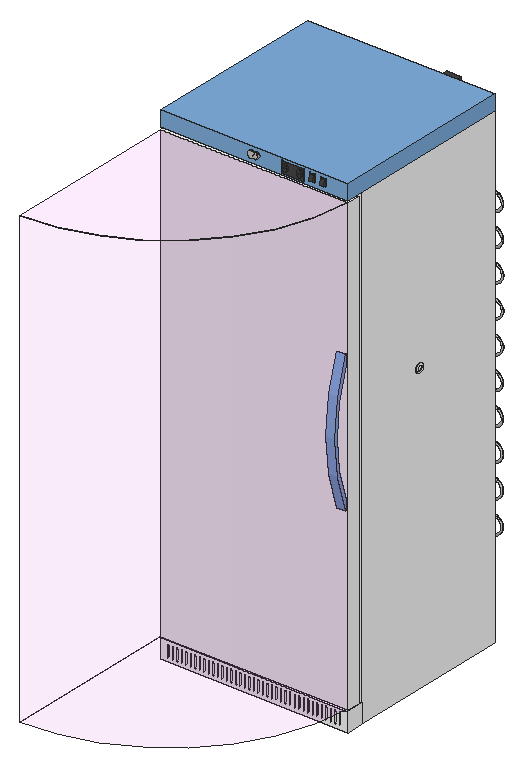
Revit family "QF_Summit_ARS12PV_Pharma_Vac_All_Refrigerator", category Specialty Equipment, Revit 2020
Family settings
  Round Connector Dimension = Use Diameter
  Part Type = Normal
  Work Plane-Based = No
  Always vertical = Yes
  Cut with Voids When Loaded = No
  Shared = No
  Room Calculation Point = No
Parameters
  Weight in Pounds = 184
  Watts = if(Phase = 3, Volts * FL Amps * 1.73, Volts * FL Amps)  # 161 W
  Volts = 115 V
  Ventilation Remarks = ""
  URL Cutsheet = ""
  Specification by User = ""
  Specification by Manufacturer = ""
  Show RHD [instance] = yes
  Show LHD [instance] = not(Show RHD)  # no
  Show Clearance [instance] = yes
  Serial Number = ""
  Seismic Rating = ""
  SMACNA No = ""
  Revision Code = ""
  Refrigerant Volume = 0.00 kip
  Refrigerant Type = "R600a"
  Phase = 1
  Number of Poles = 1
  NAFEM Spec ID Number = ""
  Model = "ARS12PV"
  Min Ckt Ampacity = 0 A
  Max Overcurrent Protection = 0 A
  Masterspec = ""
  Manufacturer = "Summit"
  Length = 23 3/8"
  Item Number = ""
  Installed By = ""
  Identify Quantity as Lot = yes
  Height = 61 3/4"
  HP = ""
  Furnished By = ""
  Foodservice Equipment Identifier = yes
  FL Amps = 1.4 A
  Electrical Remarks = ""
  Electric Connection Type = ""
  Elec Conn RI Height = 0"
  Elec Conn Connection Height = 0"
  Description = "Pharma-Vac All-Refrigerator"
  Depth = 24 3/8"
  Default Elevation = 0"
  Cycle = 60 Hz
  Conn Plug = ""
  Conn Conduit = yes
  CSI MasterFormat = ""
  Base Height [instance] = 1/2"
  BTUH = 0.0 Btu/h
  Apparent Power = if(Phase = 3, Volts * FL Amps * 1.73, Volts * FL Amps)  # 161 VA
Reference planes (in)
  plane 1 "BACK": y = 0
  plane 2: z = 0
  plane 3 "LEFT": x = 0
  plane 4 "RIGHT": x = 23.375
  plane 5 "FRONT": y = -24.375
  plane 6 "TOP": z = 61.75
  plane 7 "Center Y": x = 11.6875
  plane 8 "Center X": y = -12.1875
  plane 9 "Base Height": z = 0.5
  plane 10: y = -46.5
  plane 11: z = 59.875
  plane 12: y = -1.5
  plane 13: y = -22.25
  plane 14: y = -26.125
  plane 15: z = 49.98438
  plane 16: x = 0.2118
  plane 17: x = 23.07085
  plane 18: z = 59.625
  plane 19: z = 49.25
  plane 20: z = 37.25
  plane 21: z = 53.375
  plane 22: x = 23.03684
  plane 23: x = 0.2073
Forms (in)
  Extrusion 1, solid, material "QF_Plastic_White_Smooth"
    sketch origin (0, 0, 0.5) x (-1, 0, 0) y (0, -1, 0)
      loop
        line (0, 1.5) -> (0, 22.25) -> (-23.375, 22.25) -> (-23.375, 1.5) -> (0, 1.5)
    from 0 to 2.375
  Extrusion 2, solid, material "QF_Plastic_Light_Blue_Smooth"
    sketch origin (0, 0, 61.75) x (-1, 0, 0) y (0, -1, 0)
      loop
        line (0, 1.5) -> (0, 24.375) -> (-23.375, 24.375) -> (-23.375, 1.5) -> (0, 1.5)
    from -1.875 to 0
  Extrusion 3, solid, material "QF_Plastic_White_Smooth"
    sketch origin (23.375, -22.75, 0.5) x (-1, 0, 0) y (0, 0, -1)
      loop
        line (0, -59.125) -> (23.375, -59.125) -> (23.375, -2.5) -> (0, -2.5) -> (0, -59.125)
    from 0 to 1.625
  Extrusion 4, solid, material "QF_Rubber - Black - Smooth"
    sketch origin (0, -1.5, 0.5) x (1, 0, 0) y (0, 0, -1)
      loop
        circle (20.85407, -2.95918) r 0.25
    from 0 to 0.0625
  Revolve 5, solid, material "QF_Rubber - Black - Smooth"
    sketch origin (0, -3, 0) x (1, 0, 0) y (0, 0, 1)
      loop
        line (21.875, 0.5) -> (21.59375, 0.5) -> (21.59375, 0.375) -> (21.125, 0.375) -> (21.125, 0) -> (21.875, 0) -> (21.875, 0.5)
      axis (21.875, 0) -> (21.875, 0.5)
    angle from 0 to 360
  Revolve 6, solid, material "QF_Rubber - Black - Smooth"
    sketch origin (-14.5, -3, 0) x (1, 0, 0) y (0, 0, 1)
      loop
        line (16, 0.5) -> (15.71875, 0.5) -> (15.71875, 0.375) -> (15.25, 0.375) -> (15.25, 0) -> (16, 0) -> (16, 0.5)
      axis (16, 0) -> (16, 0.5)
    angle from 0 to 360
  Revolve 7, solid, material "QF_Rubber - Black - Smooth"
    sketch origin (0, -20.75, 0) x (1, 0, 0) y (0, 0, 1)
      loop
        line (21.875, 0.5) -> (21.59375, 0.5) -> (21.59375, 0.375) -> (21.125, 0.375) -> (21.125, 0) -> (21.875, 0) -> (21.875, 0.5)
      axis (21.875, 0) -> (21.875, 0.5)
    angle from 0 to 360
  Revolve 8, solid, material "QF_Rubber - Black - Smooth"
    sketch origin (-14.5, -20.75, 0) x (1, 0, 0) y (0, 0, 1)
      loop
        line (16, 0.5) -> (15.71875, 0.5) -> (15.71875, 0.375) -> (15.25, 0.375) -> (15.25, 0) -> (16, 0) -> (16, 0.5)
      axis (16, 0) -> (16, 0.5)
    angle from 0 to 360
  Extrusion 9, solid, material "QF_Metal_Black"
    sketch origin (23.375, -24.375, 61.75) x (-1, 0, 0) y (0, 0, -1)
      loop
        line (8.25, 0.25) -> (8.25, 1.625) -> (5.49196, 1.625) -> (5.49196, 0.25) -> (8.25, 0.25)
      loop
        line (4.75, 0.375) -> (4.75, 1.25) -> (4.125, 1.25) -> (4.125, 0.375) -> (4.75, 0.375)
      loop
        line (3.375, 1.25) -> (2.75, 1.25) -> (2.75, 0.375) -> (3.375, 0.375) -> (3.375, 1.25)
    from 0 to 0.0625
  Extrusion 10, solid, material "QF_Metal_Black"
    sketch origin (23.375, -24.4375, 61.75) x (-1, 0, 0) y (0, 0, -1)
      loop
        line (7.52932, 0.87366) -> (7.52932, 0.70264)
        arc (7.52932, 0.70264) -> (7.77932, 0.45264) -> (8.02932, 0.70264) r 0.25
        line (8.02932, 0.70264) -> (8.02932, 0.87366) -> (7.52932, 0.87366)
      loop
        line (6.21264, 0.87366) -> (5.71264, 0.87366) -> (5.71264, 0.70264)
        arc (5.71264, 0.70264) -> (5.96264, 0.45264) -> (6.21264, 0.70264) r 0.25
        line (6.21264, 0.70264) -> (6.21264, 0.87366)
    from 0 to 0.125
  Extrusion 11, solid, material "QF_Metal_Black"
    sketch origin (23.375, -24.4375, 61.75) x (-1, 0, 0) y (0, 0, -1)
      loop
        line (8.02932, 0.90312) -> (8.02932, 1.07414)
        arc (8.02932, 1.07414) -> (7.77932, 1.32414) -> (7.52932, 1.07414) r 0.25
        line (7.52932, 1.07414) -> (7.52932, 0.90312) -> (8.02932, 0.90312)
      loop
        line (6.21264, 0.90312) -> (6.21264, 1.07414)
        arc (6.21264, 1.07414) -> (5.96264, 1.32414) -> (5.71264, 1.07414) r 0.25
        line (5.71264, 1.07414) -> (5.71264, 0.90312) -> (6.21264, 0.90312)
    from 0 to 0.125
  Extrusion 12, solid, material "QF_Metal_Black"
    sketch origin (19.25, -24.375, 61.375) x (0, 0, -1) y (0, 1, 0)
      loop
        line (0.0625, -0.0625) -> (0.0625, -0.09634) -> (0.8125, -0.21513) -> (0.8125, -0.0625) -> (0.0625, -0.0625)
    from -0.5625 to -0.0625
  Extrusion 13, solid, material "QF_Metal_Black"
    sketch origin (20.625, -24.375, 61.375) x (0, 0, -1) y (0, 1, 0)
      loop
        line (0.0625, -0.09634) -> (0.8125, -0.21513) -> (0.8125, -0.0625) -> (0.0625, -0.0625) -> (0.0625, -0.09634)
    from -0.5625 to -0.0625
  Extrusion 14, solid, material "QF_Metal - Stainless - Polished"
    sketch origin (20.90447, -24.375, 61.75) x (-1, 0, 0) y (0, 0, -1)
      loop
        arc (8.96647, 1.16146) -> (8.59147, 0.78646) -> (8.96647, 0.41146) r 0.375
        line (8.96647, 0.41146) -> (9.46647, 0.41146)
        arc (9.46647, 0.41146) -> (9.84147, 0.78646) -> (9.46647, 1.16146) r 0.375
        line (9.46647, 1.16146) -> (8.96647, 1.16146)
      loop
        line (9.4034, 0.77178) -> (9.4034, 0.81064) -> (9.03054, 0.81064) -> (9.03054, 0.77178) -> (9.4034, 0.77178)
    from 0 to 0.25
  Extrusion 15, solid, material "QF_Metal_Stainless_Polished"
    sketch origin (0, -1.5, 0.5) x (1, 0, 0) y (0, 0, -1)
      loop
        circle (21.55742, -37) r 0.25
      loop
        circle (1.88463, -37) r 0.25
      loop
        circle (21.55742, -25) r 0.25
      loop
        circle (1.88463, -25) r 0.25
      loop
        circle (21.55742, -49) r 0.25
      loop
        circle (1.88463, -49) r 0.25
      loop
        circle (21.55742, -12.875) r 0.25
      loop
        circle (1.88463, -12.875) r 0.25
    from 0 to 1.5
  Sweep 16, solid, material "QF_Metal_Stainless_Polished"
    path origin (-0.125, 0, 11.98437) x (1, 0, 0) y (0, 0, 1)
      loop
        line (0.32085, 37.76475) -> (22.17976, 37.76475)
        arc (22.17976, 37.76475) -> (23.17976, 36.76475) -> (22.17976, 35.76475) r 1
        line (22.17976, 35.76475) -> (1.34954, 35.76475)
        arc (1.34954, 35.76475) -> (0.34954, 34.76475) -> (1.34954, 33.76475) r 1
        line (1.34954, 33.76475) -> (22.17776, 33.76475)
        arc (22.17776, 33.76475) -> (23.17776, 32.76475) -> (22.17776, 31.76475) r 1
        line (22.17776, 31.76475) -> (1.39695, 31.76475)
        arc (1.39695, 31.76475) -> (0.39695, 30.76475) -> (1.39695, 29.76475) r 1
        line (1.39695, 29.76475) -> (22.19585, 29.76475)
        arc (22.19585, 29.76475) -> (23.19585, 28.76475) -> (22.19585, 27.76475) r 1
        line (22.19585, 27.76475) -> (1.3368, 27.76475)
        arc (1.3368, 27.76475) -> (0.3368, 26.76475) -> (1.3368, 25.76475) r 1
        line (1.3368, 25.76475) -> (22.19548, 25.76475)
        arc (22.19548, 25.76475) -> (23.19548, 24.76475) -> (22.19548, 23.76475) r 1
        line (22.19548, 23.76475) -> (1.33704, 23.76475)
        arc (1.33704, 23.76475) -> (0.33704, 22.76475) -> (1.33704, 21.76475) r 1
        line (1.33704, 21.76475) -> (22.19629, 21.76475)
        arc (22.19629, 21.76475) -> (23.19629, 20.76475) -> (22.19629, 19.76475) r 1
        line (22.19629, 19.76475) -> (1.33589, 19.76475)
        arc (1.33589, 19.76475) -> (0.33589, 18.76475) -> (1.33589, 17.76475) r 1
        line (1.33589, 17.76475) -> (22.1852, 17.76475)
        arc (22.1852, 17.76475) -> (23.1852, 16.76475) -> (22.1852, 15.76475) r 1
        line (22.1852, 15.76475) -> (1.33204, 15.76475)
        arc (1.33204, 15.76475) -> (0.33204, 14.76475) -> (1.33204, 13.76475) r 1
        line (1.33204, 13.76475) -> (22.17917, 13.76475)
        arc (22.17917, 13.76475) -> (23.17917, 12.76475) -> (22.17917, 11.76475) r 1
        line (22.17917, 11.76475) -> (1.3323, 11.76475)
        arc (1.3323, 11.76475) -> (0.3323, 10.76475) -> (1.3323, 9.76475) r 1
        line (1.3323, 9.76475) -> (22.16184, 9.76475)
        arc (22.16184, 9.76475) -> (23.16184, 8.76475) -> (22.16184, 7.76475) r 1
        line (22.16184, 7.76475) -> (1.36686, 7.76475)
        arc (1.36686, 7.76475) -> (0.36686, 6.76475) -> (1.36686, 5.76475) r 1
        line (1.36686, 5.76475) -> (22.10178, 5.76475)
        arc (22.10178, 5.76475) -> (23.16385, 4.70269) -> (22.10178, 3.64063) r 1.06206
        line (22.10178, 3.64063) -> (1.29095, 3.64063)
        arc (1.29095, 3.64063) -> (0.29095, 2.64063) -> (1.29095, 1.64063) r 1
        line (1.29095, 1.64063) -> (22.13128, 1.64063)
        arc (22.13128, 1.64063) -> (23.13128, 0.64063) -> (22.13128, -0.35937) r 1
        line (22.13128, -0.35937) -> (1.36686, -0.35937)
    profile origin (11.6714, 0, 41.74913) x (0, 0, 1) y (0, -1, 0)
      loop
        circle (0.09375, 0.09375) r 0.09375
  Extrusion 17, solid, material "QF_Plastic_White_Smooth"
    sketch origin (23.375, -1.5, 0.5) x (0, -1, 0) y (0, 0, -1)
      loop
        circle (12, -36) r 0.5
      loop
        circle (12, -36) r 0.40625
    from 0 to 0.25
  Extrusion 18, solid, material "QF_Metal_Black"
    sketch origin (0, -1.5, 61.75) x (1, 0, 0) y (0, 0, -1)
      loop
        line (18.375, 0.25) -> (18.375, 1.625) -> (16.625, 1.625) -> (16.625, 0.25) -> (18.375, 0.25)
    from 0 to 0.96936
  Extrusion 19, solid, material "QF_Clearances_Door_Drawer", visible <- "Show LHD"
    sketch origin (0, 0, 0.5) x (-1, 0, 0) y (0, -1, 0)
      loop
        arc (0.00218, 24.375) -> (-7.35816, 39.93424) -> (-23.375, 46.23701) r 23.3767
        line (-23.375, 46.23701) -> (-23.375, 24.375) -> (0.00218, 24.375)
    from 2.5 to 59.125
  Extrusion 20, solid, material "QF_Plastic_White_Smooth"
    sketch origin (23.375, -22.25, 0.5) x (-1, 0, 0) y (0, 0, -1)
      loop
        line (23.375, -2.375) -> (23.375, 0) -> (0, 0) -> (0, -2.375) -> (23.375, -2.375)
      loop
        line (23.3125, -0.0625) -> (0.0625, -0.0625) -> (0.0625, -2.3125) -> (23.3125, -2.3125) -> (23.3125, -0.0625)
    from 0 to 2.125
  Extrusion 21, solid, material "QF_Plastic_White_Smooth"
    sketch origin (23.375, -24.375, 0.5) x (-1, 0, 0) y (0, 0, -1)
      loop
        line (23.375, 0) -> (0, 0) -> (0, -2.375) -> (23.375, -2.375) -> (23.375, 0)
      loop
        arc (22.28125, -1.90625) -> (22.375, -2) -> (22.46875, -1.90625) r 0.09375
        line (22.46875, -1.90625) -> (22.46875, -0.59375)
        arc (22.46875, -0.59375) -> (22.375, -0.5) -> (22.28125, -0.59375) r 0.09375
        line (22.28125, -0.59375) -> (22.28125, -1.90625)
      loop
        arc (21.71875, -1.90625) -> (21.8125, -2) -> (21.90625, -1.90625) r 0.09375
        line (21.90625, -1.90625) -> (21.90625, -0.59375)
        arc (21.90625, -0.59375) -> (21.8125, -0.5) -> (21.71875, -0.59375) r 0.09375
        line (21.71875, -0.59375) -> (21.71875, -1.90625)
      loop
        arc (21.15625, -1.90625) -> (21.25, -2) -> (21.34375, -1.90625) r 0.09375
        line (21.34375, -1.90625) -> (21.34375, -0.59375)
        arc (21.34375, -0.59375) -> (21.25, -0.5) -> (21.15625, -0.59375) r 0.09375
        line (21.15625, -0.59375) -> (21.15625, -1.90625)
      loop
        arc (20.59375, -1.90625) -> (20.6875, -2) -> (20.78125, -1.90625) r 0.09375
        line (20.78125, -1.90625) -> (20.78125, -0.59375)
        arc (20.78125, -0.59375) -> (20.6875, -0.5) -> (20.59375, -0.59375) r 0.09375
        line (20.59375, -0.59375) -> (20.59375, -1.90625)
      loop
        arc (20.03125, -1.90625) -> (20.125, -2) -> (20.21875, -1.90625) r 0.09375
        line (20.21875, -1.90625) -> (20.21875, -0.59375)
        arc (20.21875, -0.59375) -> (20.125, -0.5) -> (20.03125, -0.59375) r 0.09375
        line (20.03125, -0.59375) -> (20.03125, -1.90625)
      loop
        arc (19.46875, -1.90625) -> (19.5625, -2) -> (19.65625, -1.90625) r 0.09375
        line (19.65625, -1.90625) -> (19.65625, -0.59375)
        arc (19.65625, -0.59375) -> (19.5625, -0.5) -> (19.46875, -0.59375) r 0.09375
        line (19.46875, -0.59375) -> (19.46875, -1.90625)
      loop
        arc (18.90625, -1.90625) -> (19, -2) -> (19.09375, -1.90625) r 0.09375
        line (19.09375, -1.90625) -> (19.09375, -0.59375)
        arc (19.09375, -0.59375) -> (19, -0.5) -> (18.90625, -0.59375) r 0.09375
        line (18.90625, -0.59375) -> (18.90625, -1.90625)
      loop
        arc (18.34375, -1.90625) -> (18.4375, -2) -> (18.53125, -1.90625) r 0.09375
        line (18.53125, -1.90625) -> (18.53125, -0.59375)
        arc (18.53125, -0.59375) -> (18.4375, -0.5) -> (18.34375, -0.59375) r 0.09375
        line (18.34375, -0.59375) -> (18.34375, -1.90625)
      loop
        arc (17.78125, -1.90625) -> (17.875, -2) -> (17.96875, -1.90625) r 0.09375
        line (17.96875, -1.90625) -> (17.96875, -0.59375)
        arc (17.96875, -0.59375) -> (17.875, -0.5) -> (17.78125, -0.59375) r 0.09375
        line (17.78125, -0.59375) -> (17.78125, -1.90625)
      loop
        arc (17.21875, -1.90625) -> (17.3125, -2) -> (17.40625, -1.90625) r 0.09375
        line (17.40625, -1.90625) -> (17.40625, -0.59375)
        arc (17.40625, -0.59375) -> (17.3125, -0.5) -> (17.21875, -0.59375) r 0.09375
        line (17.21875, -0.59375) -> (17.21875, -1.90625)
      loop
        arc (16.65625, -1.90625) -> (16.75, -2) -> (16.84375, -1.90625) r 0.09375
        line (16.84375, -1.90625) -> (16.84375, -0.59375)
        arc (16.84375, -0.59375) -> (16.75, -0.5) -> (16.65625, -0.59375) r 0.09375
        line (16.65625, -0.59375) -> (16.65625, -1.90625)
      loop
        arc (16.09375, -1.90625) -> (16.1875, -2) -> (16.28125, -1.90625) r 0.09375
        line (16.28125, -1.90625) -> (16.28125, -0.59375)
        arc (16.28125, -0.59375) -> (16.1875, -0.5) -> (16.09375, -0.59375) r 0.09375
        line (16.09375, -0.59375) -> (16.09375, -1.90625)
      loop
        arc (15.53125, -1.90625) -> (15.625, -2) -> (15.71875, -1.90625) r 0.09375
        line (15.71875, -1.90625) -> (15.71875, -0.59375)
        arc (15.71875, -0.59375) -> (15.625, -0.5) -> (15.53125, -0.59375) r 0.09375
        line (15.53125, -0.59375) -> (15.53125, -1.90625)
      loop
        arc (14.96875, -1.90625) -> (15.0625, -2) -> (15.15625, -1.90625) r 0.09375
        line (15.15625, -1.90625) -> (15.15625, -0.59375)
        arc (15.15625, -0.59375) -> (15.0625, -0.5) -> (14.96875, -0.59375) r 0.09375
        line (14.96875, -0.59375) -> (14.96875, -1.90625)
      loop
        arc (14.40625, -1.90625) -> (14.5, -2) -> (14.59375, -1.90625) r 0.09375
        line (14.59375, -1.90625) -> (14.59375, -0.59375)
        arc (14.59375, -0.59375) -> (14.5, -0.5) -> (14.40625, -0.59375) r 0.09375
        line (14.40625, -0.59375) -> (14.40625, -1.90625)
      loop
        arc (13.84375, -1.90625) -> (13.9375, -2) -> (14.03125, -1.90625) r 0.09375
        line (14.03125, -1.90625) -> (14.03125, -0.59375)
        arc (14.03125, -0.59375) -> (13.9375, -0.5) -> (13.84375, -0.59375) r 0.09375
        line (13.84375, -0.59375) -> (13.84375, -1.90625)
      loop
        arc (13.28125, -1.90625) -> (13.375, -2) -> (13.46875, -1.90625) r 0.09375
        line (13.46875, -1.90625) -> (13.46875, -0.59375)
        arc (13.46875, -0.59375) -> (13.375, -0.5) -> (13.28125, -0.59375) r 0.09375
        line (13.28125, -0.59375) -> (13.28125, -1.90625)
      loop
        arc (12.71875, -1.90625) -> (12.8125, -2) -> (12.90625, -1.90625) r 0.09375
        line (12.90625, -1.90625) -> (12.90625, -0.59375)
        arc (12.90625, -0.59375) -> (12.8125, -0.5) -> (12.71875, -0.59375) r 0.09375
        line (12.71875, -0.59375) -> (12.71875, -1.90625)
      loop
        arc (12.15625, -1.90625) -> (12.25, -2) -> (12.34375, -1.90625) r 0.09375
        line (12.34375, -1.90625) -> (12.34375, -0.59375)
        arc (12.34375, -0.59375) -> (12.25, -0.5) -> (12.15625, -0.59375) r 0.09375
        line (12.15625, -0.59375) -> (12.15625, -1.90625)
      loop
        arc (11.59375, -1.90625) -> (11.6875, -2) -> (11.78125, -1.90625) r 0.09375
        line (11.78125, -1.90625) -> (11.78125, -0.59375)
        arc (11.78125, -0.59375) -> (11.6875, -0.5) -> (11.59375, -0.59375) r 0.09375
        line (11.59375, -0.59375) -> (11.59375, -1.90625)
      loop
        arc (11.03125, -1.90625) -> (11.125, -2) -> (11.21875, -1.90625) r 0.09375
        line (11.21875, -1.90625) -> (11.21875, -0.59375)
        arc (11.21875, -0.59375) -> (11.125, -0.5) -> (11.03125, -0.59375) r 0.09375
        line (11.03125, -0.59375) -> (11.03125, -1.90625)
      loop
        arc (10.46875, -1.90625) -> (10.5625, -2) -> (10.65625, -1.90625) r 0.09375
        line (10.65625, -1.90625) -> (10.65625, -0.59375)
        arc (10.65625, -0.59375) -> (10.5625, -0.5) -> (10.46875, -0.59375) r 0.09375
        line (10.46875, -0.59375) -> (10.46875, -1.90625)
      loop
        arc (9.90625, -1.90625) -> (10, -2) -> (10.09375, -1.90625) r 0.09375
        line (10.09375, -1.90625) -> (10.09375, -0.59375)
        arc (10.09375, -0.59375) -> (10, -0.5) -> (9.90625, -0.59375) r 0.09375
        line (9.90625, -0.59375) -> (9.90625, -1.90625)
      loop
        arc (9.34375, -1.90625) -> (9.4375, -2) -> (9.53125, -1.90625) r 0.09375
        line (9.53125, -1.90625) -> (9.53125, -0.59375)
        arc (9.53125, -0.59375) -> (9.4375, -0.5) -> (9.34375, -0.59375) r 0.09375
        line (9.34375, -0.59375) -> (9.34375, -1.90625)
      loop
        arc (8.78125, -1.90625) -> (8.875, -2) -> (8.96875, -1.90625) r 0.09375
        line (8.96875, -1.90625) -> (8.96875, -0.59375)
        arc (8.96875, -0.59375) -> (8.875, -0.5) -> (8.78125, -0.59375) r 0.09375
        line (8.78125, -0.59375) -> (8.78125, -1.90625)
      loop
        arc (8.21875, -1.90625) -> (8.3125, -2) -> (8.40625, -1.90625) r 0.09375
        line (8.40625, -1.90625) -> (8.40625, -0.59375)
        arc (8.40625, -0.59375) -> (8.3125, -0.5) -> (8.21875, -0.59375) r 0.09375
        line (8.21875, -0.59375) -> (8.21875, -1.90625)
      loop
        arc (7.65625, -1.90625) -> (7.75, -2) -> (7.84375, -1.90625) r 0.09375
        line (7.84375, -1.90625) -> (7.84375, -0.59375)
        arc (7.84375, -0.59375) -> (7.75, -0.5) -> (7.65625, -0.59375) r 0.09375
        line (7.65625, -0.59375) -> (7.65625, -1.90625)
      loop
        arc (7.09375, -1.90625) -> (7.1875, -2) -> (7.28125, -1.90625) r 0.09375
        line (7.28125, -1.90625) -> (7.28125, -0.59375)
        arc (7.28125, -0.59375) -> (7.1875, -0.5) -> (7.09375, -0.59375) r 0.09375
        line (7.09375, -0.59375) -> (7.09375, -1.90625)
      loop
        arc (6.53125, -1.90625) -> (6.625, -2) -> (6.71875, -1.90625) r 0.09375
        line (6.71875, -1.90625) -> (6.71875, -0.59375)
        arc (6.71875, -0.59375) -> (6.625, -0.5) -> (6.53125, -0.59375) r 0.09375
        line (6.53125, -0.59375) -> (6.53125, -1.90625)
      loop
        arc (5.96875, -1.90625) -> (6.0625, -2) -> (6.15625, -1.90625) r 0.09375
        line (6.15625, -1.90625) -> (6.15625, -0.59375)
        arc (6.15625, -0.59375) -> (6.0625, -0.5) -> (5.96875, -0.59375) r 0.09375
        line (5.96875, -0.59375) -> (5.96875, -1.90625)
      loop
        arc (5.40625, -1.90625) -> (5.5, -2) -> (5.59375, -1.90625) r 0.09375
        line (5.59375, -1.90625) -> (5.59375, -0.59375)
        arc (5.59375, -0.59375) -> (5.5, -0.5) -> (5.40625, -0.59375) r 0.09375
        line (5.40625, -0.59375) -> (5.40625, -1.90625)
      loop
        arc (4.84375, -1.90625) -> (4.9375, -2) -> (5.03125, -1.90625) r 0.09375
        line (5.03125, -1.90625) -> (5.03125, -0.59375)
        arc (5.03125, -0.59375) -> (4.9375, -0.5) -> (4.84375, -0.59375) r 0.09375
        line (4.84375, -0.59375) -> (4.84375, -1.90625)
      loop
        arc (4.28125, -1.90625) -> (4.375, -2) -> (4.46875, -1.90625) r 0.09375
        line (4.46875, -1.90625) -> (4.46875, -0.59375)
        arc (4.46875, -0.59375) -> (4.375, -0.5) -> (4.28125, -0.59375) r 0.09375
        line (4.28125, -0.59375) -> (4.28125, -1.90625)
      loop
        arc (3.71875, -1.90625) -> (3.8125, -2) -> (3.90625, -1.90625) r 0.09375
        line (3.90625, -1.90625) -> (3.90625, -0.59375)
        arc (3.90625, -0.59375) -> (3.8125, -0.5) -> (3.71875, -0.59375) r 0.09375
        line (3.71875, -0.59375) -> (3.71875, -1.90625)
      loop
        arc (3.15625, -1.90625) -> (3.25, -2) -> (3.34375, -1.90625) r 0.09375
        line (3.34375, -1.90625) -> (3.34375, -0.59375)
        arc (3.34375, -0.59375) -> (3.25, -0.5) -> (3.15625, -0.59375) r 0.09375
        line (3.15625, -0.59375) -> (3.15625, -1.90625)
      loop
        arc (2.59375, -1.90625) -> (2.6875, -2) -> (2.78125, -1.90625) r 0.09375
        line (2.78125, -1.90625) -> (2.78125, -0.59375)
        arc (2.78125, -0.59375) -> (2.6875, -0.5) -> (2.59375, -0.59375) r 0.09375
        line (2.59375, -0.59375) -> (2.59375, -1.90625)
      loop
        arc (2.03125, -1.90625) -> (2.125, -2) -> (2.21875, -1.90625) r 0.09375
        line (2.21875, -1.90625) -> (2.21875, -0.59375)
        arc (2.21875, -0.59375) -> (2.125, -0.5) -> (2.03125, -0.59375) r 0.09375
        line (2.03125, -0.59375) -> (2.03125, -1.90625)
      loop
        arc (1.46875, -1.90625) -> (1.5625, -2) -> (1.65625, -1.90625) r 0.09375
        line (1.65625, -1.90625) -> (1.65625, -0.59375)
        arc (1.65625, -0.59375) -> (1.5625, -0.5) -> (1.46875, -0.59375) r 0.09375
        line (1.46875, -0.59375) -> (1.46875, -1.90625)
      loop
        arc (0.90625, -1.90625) -> (1, -2) -> (1.09375, -1.90625) r 0.09375
        line (1.09375, -1.90625) -> (1.09375, -0.59375)
        arc (1.09375, -0.59375) -> (1, -0.5) -> (0.90625, -0.59375) r 0.09375
        line (0.90625, -0.59375) -> (0.90625, -1.90625)
    from 0 to -0.0625
  Extrusion 22, solid, material "QF_Plastic_Light_Blue_Smooth", visible <- "Show LHD"
    sketch origin (0, 0, 5.64624) x (0, 1, 0) y (0, 0, 1)
      loop
        arc (-24.375, 37) -> (-26.12501, 28.25) -> (-24.375, 19.5) r 22.74991
        line (-24.375, 19.5) -> (-24.375, 20.75)
        arc (-24.375, 20.75) -> (-25.84013, 28.25) -> (-24.375, 35.75) r 19.92888
        line (-24.375, 35.75) -> (-24.375, 37)
    from 0.24196 to 1.36696
  Extrusion 23, solid, material "QF_Plastic_White_Smooth"
    sketch origin (0, -22.25, 0.5) x (0, 1, 0) y (0, 0, -1)
      loop
        line (0, -2.375) -> (0, -4.125) -> (11.5, -4.125) -> (11.5, -10.625) -> (16.5, -10.625) -> (16.5, -50.125) -> (5, -57.125) -> (0, -57.125) -> (0, -59.375) -> (20.75, -59.375) -> (20.75, -2.375) -> (0, -2.375)
    from -1.6875 to -21.6875
  Extrusion 24, solid, material "QF_Plastic_White_Smooth"
    sketch origin (0, 0, 2.875) x (-1, 0, 0) y (0, -1, 0)
      loop
        line (-21.6875, 1.5) -> (-21.6875, 22.25) -> (-23.375, 22.25) -> (-23.375, 1.5) -> (-21.6875, 1.5)
      loop
        line (-1.6875, 22.25) -> (-1.6875, 1.5) -> (0, 1.5) -> (0, 22.25) -> (-1.6875, 22.25)
    from 0 to 57
  Extrusion 25, solid, material "QF_Rubber - Black - Smooth"
    sketch origin (23.375, -22.75, 0.5) x (1, 0, 0) y (0, 0, -1)
      loop
        line (-22.875, -3) -> (-22.875, -58.625) -> (-0.5, -58.625) -> (-0.5, -3) -> (-22.875, -3)
    from 0 to 0.5
  Extrusion 26, solid, material "QF_Clearances_Door_Drawer", visible <- "Show RHD"
    sketch origin (23.375, 0, 0.5) x (1, 0, 0) y (0, 1, 0)
      loop
        line (0.00218, -24.375) -> (-23.375, -24.375) -> (-23.375, -46.23701)
        arc (-23.375, -46.23701) -> (-7.35816, -39.93424) -> (0.00218, -24.375) r 23.3767
    from 2.5 to 59.125
  Extrusion 27, solid, material "QF_Plastic_Light_Blue_Smooth", visible <- "Show RHD"
    sketch origin (23.375, 0, 5.64624) x (0, 1, 0) y (0, 0, -1)
      loop
        line (-24.375, -37) -> (-24.375, -35.75)
        arc (-24.375, -35.75) -> (-25.84013, -28.25) -> (-24.375, -20.75) r 19.92888
        line (-24.375, -20.75) -> (-24.375, -19.5)
        arc (-24.375, -19.5) -> (-26.12501, -28.25) -> (-24.375, -37) r 22.74991
    from 0.24196 to 1.36696
Cuts and joins
  joined: Extrusion 20, Extrusion 21
  joined: Extrusion 1, Extrusion 23, Extrusion 24
Lines and regions (in)
  Split face 1
    outline origin (22.75384, -24.375, 61.8916) x (-1, 0, 0) y (0, 0, -1)
      loop
        arc (21.90161, 0.89604) -> (21.88294, 0.89015) -> (21.87102, 0.87462) r 0.03255
        arc (21.87102, 0.87462) -> (21.85282, 0.84605) -> (21.82424, 0.82784) r 0.07828
        arc (21.82424, 0.82784) -> (21.78646, 0.82118) -> (21.74867, 0.82784) r 0.11047
        arc (21.74867, 0.82784) -> (21.71253, 0.87946) -> (21.74867, 0.93108) r 0.05493
        arc (21.74867, 0.93108) -> (21.80204, 0.94588) -> (21.85706, 0.95215) r 0.35291
        arc (21.85706, 0.95215) -> (21.92454, 0.96588) -> (21.98388, 1.00084) r 0.20863
        arc (21.98388, 1.00084) -> (22.01258, 1.08821) -> (21.98388, 1.17558) r 0.14738
        arc (21.98388, 1.17558) -> (21.93591, 1.21419) -> (21.87512, 1.22401) r 0.12037
        arc (21.87512, 1.22401) -> (21.8027, 1.21911) -> (21.73646, 1.18944) r 0.20635
        arc (21.73646, 1.18944) -> (21.72016, 1.1835) -> (21.70385, 1.18944) r 0.02536
        line (21.70385, 1.18944) -> (21.67733, 1.21169) -> (21.61422, 1.21169)
        arc (21.61422, 1.21169) -> (21.59448, 1.20901) -> (21.57973, 1.19561) r 0.03358
        line (21.57973, 1.19561) -> (21.5891, 1.129) -> (21.5891, 0.8541)
        arc (21.5891, 0.8541) -> (21.61527, 0.796) -> (21.66917, 0.76201) r 0.11051
        arc (21.66917, 0.76201) -> (21.73105, 0.74915) -> (21.79409, 0.74447) r 0.48335
        arc (21.79409, 0.74447) -> (21.84319, 0.74812) -> (21.89101, 0.75983) r 0.29737
        arc (21.89101, 0.75983) -> (21.93423, 0.78115) -> (21.97019, 0.81323) r 0.17873
        line (21.97019, 0.81323) -> (21.99501, 0.86898)
        arc (21.99501, 0.86898) -> (21.99348, 0.88741) -> (21.97713, 0.89604) r 0.01924
        line (21.97713, 0.89604) -> (21.90161, 0.89604)
  Split face 2
    outline origin (23.22273, -24.375, 61.88347) x (-1, 0, 0) y (0, 0, -1)
      loop
        arc (22.21736, 1.00084) -> (22.28071, 1.01423) -> (22.34154, 1.03644) r 0.45683
        arc (22.34154, 1.03644) -> (22.35686, 1.07874) -> (22.34154, 1.12104) r 0.06604
        arc (22.34154, 1.12104) -> (22.27916, 1.13913) -> (22.21678, 1.12104) r 0.11662
        arc (22.21678, 1.12104) -> (22.18529, 1.0846) -> (22.17928, 1.03683) r 0.08315
        arc (22.17928, 1.03683) -> (22.18981, 1.01142) -> (22.21521, 1.0009) r 0.03593
  Split face 3
    outline origin (22.71181, -24.375, 61.88959) x (-1, 0, 0) y (0, 0, -1)
      loop
        arc (21.03457, 0.91363) -> (21.027, 0.89762) -> (21.02763, 0.87992) r 0.03748
        arc (21.02763, 0.87992) -> (21.05705, 0.8205) -> (21.10606, 0.77583) r 0.17938
        arc (21.10606, 0.77583) -> (21.37596, 0.79069) -> (21.45567, 1.04897) r 0.23652
        arc (21.45567, 1.04897) -> (21.42228, 1.13367) -> (21.35202, 1.19157) r 0.18179
        arc (21.35202, 1.19157) -> (21.2757, 1.22001) -> (21.19425, 1.21938) r 0.22467
        arc (21.19425, 1.21938) -> (21.12428, 1.20162) -> (21.06878, 1.15545) r 0.16353
        arc (21.06878, 1.15545) -> (21.0417, 1.11335) -> (21.02194, 1.06736) r 0.30233
        arc (21.02194, 1.06736) -> (21.02194, 1.04762) -> (21.03904, 1.03774) r 0.01975
        line (21.03904, 1.03774) -> (21.10789, 1.03774)
        arc (21.10789, 1.03774) -> (21.13444, 1.04874) -> (21.14543, 1.07529) r 0.03754
        arc (21.14543, 1.07529) -> (21.23138, 1.12526) -> (21.31734, 1.07529) r 0.09891
        arc (21.31734, 1.07529) -> (21.3421, 0.99076) -> (21.32631, 0.90411) r 0.19105
        arc (21.32631, 0.90411) -> (21.29287, 0.86104) -> (21.24299, 0.83901) r 0.11135
        arc (21.24299, 0.83901) -> (21.18839, 0.84685) -> (21.1486, 0.88505) r 0.09008
        arc (21.1486, 0.88505) -> (21.14023, 0.90526) -> (21.12002, 0.91363) r 0.02858
        line (21.12002, 0.91363) -> (21.03457, 0.91363)
  Split face 4
    outline origin (23.22015, -24.375, 61.88923) x (-1, 0, 0) y (0, 0, -1)
      loop
        arc (20.92201, 0.75696) -> (20.94124, 0.76687) -> (20.94432, 0.78829) r 0.02361
        line (20.94432, 0.78829) -> (20.94432, 1.01284)
        arc (20.94432, 1.01284) -> (20.93987, 1.10413) -> (20.89808, 1.1854) r 0.216
        arc (20.89808, 1.1854) -> (20.78405, 1.2259) -> (20.67001, 1.1854) r 0.18078
        arc (20.67001, 1.1854) -> (20.65273, 1.17428) -> (20.63804, 1.18865) r 0.01649
        arc (20.63804, 1.18865) -> (20.62935, 1.20511) -> (20.61195, 1.21169) r 0.02629
        line (20.61195, 1.21169) -> (20.54988, 1.21169)
        arc (20.54988, 1.21169) -> (20.52771, 1.20251) -> (20.51853, 1.18034) r 0.03135
        line (20.51853, 1.18034) -> (20.51853, 0.79403)
        arc (20.51853, 0.79403) -> (20.52186, 0.76874) -> (20.54449, 0.75696) r 0.02762
        line (20.54449, 0.75696) -> (20.61276, 0.75696)
        arc (20.61276, 0.75696) -> (20.63453, 0.76597) -> (20.64354, 0.78774) r 0.03079
        line (20.64354, 0.78774) -> (20.64354, 1.03836)
        arc (20.64354, 1.03836) -> (20.73207, 1.12689) -> (20.8206, 1.03836) r 0.08853
        line (20.8206, 1.03836) -> (20.8206, 0.78356)
        arc (20.8206, 0.78356) -> (20.8284, 0.76475) -> (20.84721, 0.75696) r 0.0266
        line (20.84721, 0.75696) -> (20.92201, 0.75696)
  Split face 5
    outline origin (23.21726, -24.375, 61.89212) x (-1, 0, 0) y (0, 0, -1)
      loop
        arc (20.00384, 0.91363) -> (19.99626, 0.89762) -> (19.99689, 0.87992) r 0.03748
        arc (19.99689, 0.87992) -> (20.02632, 0.8205) -> (20.07532, 0.77583) r 0.17938
        arc (20.07532, 0.77583) -> (20.34522, 0.79069) -> (20.42493, 1.04897) r 0.23652
        arc (20.42493, 1.04897) -> (20.39155, 1.13367) -> (20.32128, 1.19157) r 0.18179
        arc (20.32128, 1.19157) -> (20.24496, 1.22001) -> (20.16351, 1.21938) r 0.22467
        arc (20.16351, 1.21938) -> (20.09355, 1.20162) -> (20.03805, 1.15545) r 0.16353
        arc (20.03805, 1.15545) -> (20.01097, 1.11335) -> (19.99121, 1.06736) r 0.30233
        arc (19.99121, 1.06736) -> (19.99121, 1.04762) -> (20.00831, 1.03774) r 0.01975
        line (20.00831, 1.03774) -> (20.07715, 1.03774)
        arc (20.07715, 1.03774) -> (20.1037, 1.04874) -> (20.1147, 1.07529) r 0.03754
        arc (20.1147, 1.07529) -> (20.20065, 1.12526) -> (20.2866, 1.07529) r 0.09891
        arc (20.2866, 1.07529) -> (20.31136, 0.99076) -> (20.29557, 0.90411) r 0.19105
        arc (20.29557, 0.90411) -> (20.26213, 0.86104) -> (20.21226, 0.83901) r 0.11135
        arc (20.21226, 0.83901) -> (20.15766, 0.84685) -> (20.11787, 0.88505) r 0.09008
        arc (20.11787, 0.88505) -> (20.1095, 0.90526) -> (20.08929, 0.91363) r 0.02858
        line (20.08929, 0.91363) -> (20.00384, 0.91363)
  Split face 6
    outline origin (23.21917, -24.375, 61.63324) x (-1, 0, 0) y (0, 0, -1)
      loop
        circle (19.70195, 0.72652) r 0.26828
  Split face 7
    outline origin (22.75018, -24.375, 61.64263) x (-1, 0, 0) y (0, 0, -1)
      loop
        arc (18.91304, 0.33315) -> (18.93609, 0.3427) -> (18.94564, 0.36575) r 0.0326
        line (18.94564, 0.36575) -> (18.94564, 0.92227)
        arc (18.94564, 0.92227) -> (18.94564, 0.94855) -> (18.92288, 0.96169) r 0.02628
        line (18.92288, 0.96169) -> (18.85239, 0.96169)
        arc (18.85239, 0.96169) -> (18.83272, 0.95355) -> (18.82458, 0.93389) r 0.02781
        line (18.82458, 0.93389) -> (18.82458, 0.3651)
        arc (18.82458, 0.3651) -> (18.83394, 0.34251) -> (18.85653, 0.33315) r 0.03195
        line (18.85653, 0.33315) -> (18.91304, 0.33315)
  Split face 8
    outline origin (23.22099, -24.375, 61.88935) x (-1, 0, 0) y (0, 0, -1)
      loop
        arc (18.86437, 0.58315) -> (18.8817, 0.59253) -> (18.88861, 0.61098) r 0.0281
        line (18.88861, 0.61098) -> (18.88861, 0.7767)
        arc (18.88861, 0.7767) -> (18.89805, 0.79051) -> (18.91435, 0.78674) r 0.01483
        arc (18.91435, 0.78674) -> (19.01979, 0.73657) -> (19.13057, 0.77345) r 0.15633
        arc (19.13057, 0.77345) -> (19.22738, 0.98268) -> (19.13057, 1.19191) r 0.2745
        arc (19.13057, 1.19191) -> (19.02517, 1.2248) -> (18.91977, 1.19191) r 0.1853
        arc (18.91977, 1.19191) -> (18.9035, 1.17986) -> (18.88408, 1.18561) r 0.02268
        arc (18.88408, 1.18561) -> (18.87922, 1.20376) -> (18.8622, 1.21169) r 0.02222
        line (18.8622, 1.21169) -> (18.80112, 1.21169)
        arc (18.80112, 1.21169) -> (18.77325, 1.20015) -> (18.7617, 1.17227) r 0.03942
        line (18.7617, 1.17227) -> (18.7617, 0.6151)
        arc (18.7617, 0.6151) -> (18.77106, 0.59251) -> (18.79365, 0.58315) r 0.03195
        line (18.79365, 0.58315) -> (18.86437, 0.58315)
  Split face 9
    outline origin (23.21787, -24.375, 61.88959) x (-1, 0, 0) y (0, 0, -1)
      loop
        arc (21.03457, 0.91363) -> (21.027, 0.89762) -> (21.02763, 0.87992) r 0.03748
        arc (21.02763, 0.87992) -> (21.05705, 0.8205) -> (21.10606, 0.77583) r 0.17938
        arc (21.10606, 0.77583) -> (21.37596, 0.79069) -> (21.45567, 1.04897) r 0.23652
        arc (21.45567, 1.04897) -> (21.42228, 1.13367) -> (21.35202, 1.19157) r 0.18179
        arc (21.35202, 1.19157) -> (21.2757, 1.22001) -> (21.19425, 1.21938) r 0.22467
        arc (21.19425, 1.21938) -> (21.12428, 1.20162) -> (21.06878, 1.15545) r 0.16353
        arc (21.06878, 1.15545) -> (21.0417, 1.11335) -> (21.02194, 1.06736) r 0.30233
        arc (21.02194, 1.06736) -> (21.02194, 1.04762) -> (21.03904, 1.03774) r 0.01975
        line (21.03904, 1.03774) -> (21.10789, 1.03774)
        arc (21.10789, 1.03774) -> (21.13444, 1.04874) -> (21.14543, 1.07529) r 0.03754
        arc (21.14543, 1.07529) -> (21.23138, 1.12526) -> (21.31734, 1.07529) r 0.09891
        arc (21.31734, 1.07529) -> (21.3421, 0.99076) -> (21.32631, 0.90411) r 0.19105
        arc (21.32631, 0.90411) -> (21.29287, 0.86104) -> (21.24299, 0.83901) r 0.11135
        arc (21.24299, 0.83901) -> (21.18839, 0.84685) -> (21.1486, 0.88505) r 0.09008
        arc (21.1486, 0.88505) -> (21.14023, 0.90526) -> (21.12002, 0.91363) r 0.02858
        line (21.12002, 0.91363) -> (21.03457, 0.91363)
  Split face 10
    outline origin (20.90447, -24.625, 61.75) x (-1, 0, 0) y (0, 0, -1)
      loop
        circle (9.21647, 0.78646) r 0.18692
  Split face 11
    outline origin (23.375, -24.375, 61.75) x (-1, 0, 0) y (0, 0, -1)
      loop
        spline (19.14836, 0.69981) -> (19.17683, 0.70474) -> (19.20335, 0.71919) -> (19.22612, 0.74219) -> (19.2436, 0.77216) -> (19.25459, 0.80706) -> (19.25833, 0.84451) -> (19.25459, 0.88196) -> (19.2436, 0.91685) -> (19.22612, 0.94682) -> (19.20335, 0.96982) -> (19.17683, 0.98427) -> (19.14836, 0.9892)
        spline (19.14836, 0.9892) -> (19.1199, 0.98427) -> (19.09338, 0.96982) -> (19.0706, 0.94682) -> (19.05313, 0.91685) -> (19.04214, 0.88196) -> (19.03839, 0.84451) -> (19.04214, 0.80706) -> (19.05313, 0.77216) -> (19.0706, 0.74219) -> (19.09338, 0.71919) -> (19.1199, 0.70474) -> (19.14836, 0.69981)
  Split face 12
    outline origin (23.375, -24.375, 61.75) x (-1, 0, 0) y (0, 0, -1)
      loop
        line (19.79271, 0.79943) -> (19.79271, 0.7258) -> (19.85554, 0.76415) -> (19.92343, 0.7276) -> (19.92331, 0.7991) -> (19.98771, 0.83901) -> (19.92235, 0.87671) -> (19.92235, 0.95214) -> (19.85762, 0.91058) -> (19.79271, 0.95013) -> (19.79271, 0.87779) -> (19.72719, 0.83997) -> (19.79271, 0.79943)
  symbolic lines
    curve 1: line (0, -1.5, 0.5) -> (23.375, -1.5, 0.5)
    curve 2: line (0, -24.375, 0.5) -> (0, -1.5, 0.5)
    curve 3: line (23.375, -24.375, 0.5) -> (0, -24.375, 0.5)
    curve 4: line (23.375, -1.5, 0.5) -> (23.375, -24.375, 0.5)
    curve 5: line (16.625, -0.53064, 0.5) -> (16.625, -1.5, 0.5)
    curve 6: line (18.375, -0.53064, 0.5) -> (16.625, -0.53064, 0.5)
    curve 7: line (18.375, -1.5, 0.5) -> (18.375, -0.53064, 0.5)
    curve 8: line (1.63057, -1.5, 0.5) -> (1.63057, -0.1875, 0.5)
    curve 9: line (2.13057, -1.5, 0.5) -> (2.13057, -0.1875, 0.5)
    curve 10: line (0.28891, -0.1875, 0.5) -> (23.16776, -0.1875, 0.5)
    curve 11: line (23.16776, 0, 0.5) -> (0.28891, 0, 0.5)
    curve 12: arc (0.28891, 0, 0.5) -> (0.19516, -0.09375, 0.5) -> (0.28891, -0.1875, 0.5) r 0.09375
    curve 13: arc (23.16776, -0.1875, 0.5) -> (23.26151, -0.09375, 0.5) -> (23.16776, 0, 0.5) r 0.09375
    curve 14: line (21.31024, -0.1875, 0.5) -> (21.31024, -1.5, 0.5)
    curve 15: line (21.81024, -0.1875, 0.5) -> (21.81024, -1.5, 0.5)
    curve 16: line (23.625, -13, 0.5) -> (23.625, -14, 0.5)
    curve 17: line (23.625, -14, 0.5) -> (23.375, -14, 0.5)
    curve 18: line (23.625, -13, 0.5) -> (23.375, -13, 0.5)
    curve 22: line (11.06172, -24.375, 0.5) -> (11.06172, -24.625, 0.5)
    curve 23: line (11.06172, -24.625, 0.5) -> (12.31328, -24.625, 0.5)
    curve 24: line (12.31328, -24.625, 0.5) -> (12.31328, -24.375, 0.5)
    curve 25: line (15.125, -24.375, 0.5) -> (15.125, -24.4375, 0.5)
    curve 26: line (15.125, -24.4375, 0.5) -> (17.88304, -24.4375, 0.5)
    curve 27: line (17.88304, -24.4375, 0.5) -> (17.88304, -24.375, 0.5)
    curve 28: line (18.625, -24.375, 0.5) -> (18.625, -24.4375, 0.5)
    curve 29: line (18.625, -24.4375, 0.5) -> (19.25, -24.4375, 0.5)
    curve 30: line (19.25, -24.4375, 0.5) -> (19.25, -24.375, 0.5)
    curve 31: line (20, -24.375, 0.5) -> (20, -24.4375, 0.5)
    curve 32: line (20, -24.4375, 0.5) -> (20.625, -24.4375, 0.5)
    curve 33: line (20.625, -24.4375, 0.5) -> (20.625, -24.375, 0.5)
  symbolic lines, visible <- "Show LHD"
    curve 19: line (0.24196, -24.375, 0.5) -> (0.24196, -26.125, 0.5)
    curve 20: line (0.24196, -26.125, 0.5) -> (1.36696, -26.125, 0.5)
    curve 21: line (1.36696, -26.125, 0.5) -> (1.36696, -24.375, 0.5)
  symbolic lines, style "QF_Clearances_Door_Drawer", visible <- "Show LHD"
    curve 34: arc (-0.00218, -24.375, 0.5) -> (1.15624, -30.27645, 0.5) -> (3.78196, -35.68705, 0.5) r 23.3767
    curve 35: line (23.375, -24.375, 0.5) -> (3.78196, -35.68705, 0.5)
  symbolic lines, visible <- "Show RHD"
    curve 36: line (23.13304, -24.375, 0.5) -> (23.13304, -26.125, 0.5)
    curve 37: line (23.13304, -26.125, 0.5) -> (22.00804, -26.125, 0.5)
    curve 38: line (22.00804, -26.125, 0.5) -> (22.00804, -24.375, 0.5)
  symbolic lines, style "QF_Clearances_Door_Drawer", visible <- "Show RHD"
    curve 39: arc (23.37718, -24.375, 0.5) -> (22.21876, -30.27645, 0.5) -> (19.59304, -35.68705, 0.5) r 23.3767
    curve 40: line (0, -24.375, 0.5) -> (19.59304, -35.68705, 0.5)
Dimensions and locks (in)
  equal spacing: plane 3 "LEFT", plane 7 "Center Y", plane 4 "RIGHT"
  "Length": plane 3 "LEFT" to plane 4 "RIGHT"
  equal spacing: plane 5 "FRONT", plane 8 "Center X", plane 1 "BACK"
  "Depth": plane 5 "FRONT" to plane 1 "BACK"
  "Height": plane 6 "TOP" to level
  "Base Height": plane 9 "Base Height" to level
  plane 10 to plane 1 "BACK" = 46 1/2"
  plane 12 to plane 1 "BACK" = 1 1/2"
  plane 12 to plane 13 = 20 3/4"
  plane 14 to plane 5 "FRONT" = 1 3/4"
  plane 6 "TOP" to plane 11 = 1 7/8"
  plane 15 to plane 6 "TOP" = 11 49/64"
  plane 20 to plane 19 = 12"
  Extrusion 15 sketch curve to plane 20 = 11 3/4"
  aligned and locked: level to plane 2
Automatic sketch dimensions
  plane 5 "FRONT" to curve 39 = 0"
  curve 18 to plane 4 "RIGHT" = 0"
  plane 1 "BACK" to curve 11 = 0"
  plane 14 to curve 36 = 0"
  plane 5 "FRONT" to curve 36 = 0"
  curve 15 to plane 12 = 0"
  curve 21 to plane 14 = 0"
  curve 3 to plane 3 "LEFT" = 0"
  plane 5 "FRONT" to curve 34 = 0"
  curve 16 to curve 18 = 1/4"
  plane 4 "RIGHT" to curve 34 = 0.04959"
  plane 4 "RIGHT" to curve 11 = 0.20724"
  plane 4 "RIGHT" to curve 36 = 0.24196"
  curve 36 to curve 38 = 1 1/8"
  plane 5 "FRONT" to curve 33 = 1/16"
  curve 38 to curve 33 = 1.38304"
  curve 32 to curve 31 = 5/8"
  plane 4 "RIGHT" to curve 40 = 3.78196"
  plane 5 "FRONT" to curve 29 = 1/16"
  curve 31 to curve 29 = 3/4"
  curve 29 to curve 28 = 5/8"
  plane 1 "BACK" to curve 7 = 0.53064"
  curve 10 to curve 7 = 4.79276"
  plane 5 "FRONT" to curve 27 = 1/16"
  curve 28 to curve 27 = 0.74196"
  curve 6 to curve 5 = 1 3/4"
  curve 26 to curve 26 = 2.75804"
  plane 5 "FRONT" to curve 24 = 1/4"
  plane 7 "Center Y" to curve 24 = 0.62578"
  curve 23 to plane 7 "Center Y" = 0.62578"
  plane 3 "LEFT" to curve 35 = 3.78196"
  plane 3 "LEFT" to curve 21 = 1.36696"
  plane 3 "LEFT" to curve 11 = 0.28891"
  plane 3 "LEFT" to curve 19 = 0.24196"
  plane 3 "LEFT" to curve 39 = 0.04959"
  curve 11 to curve 13 = 3/32"
  curve 16 to plane 8 "Center X" = 13/16"
  curve 16 to curve 17 = 1"
  curve 34 to plane 13 = 0.61036"
  curve 39 to plane 13 = 0.61036"
  curve 40 to plane 14 = 9.56205"
  curve 35 to plane 14 = 9.56205"
  plane 4 "RIGHT" to curve 15 = 1.56476"
  curve 15 to curve 14 = 1/2"
  curve 9 to curve 10 = 1.84166"
  curve 9 to curve 8 = 1/2"
  Extrusion 1 sketch curve to plane 4 "RIGHT" = 0"
  Extrusion 1 sketch curve to plane 3 "LEFT" = 0"
  Extrusion 1 sketch curve to plane 12 = 0"
  Extrusion 1 sketch curve to plane 13 = 0"
  Extrusion 2 sketch curve to plane 4 "RIGHT" = 0"
  Extrusion 2 sketch curve to plane 3 "LEFT" = 0"
  Extrusion 2 sketch curve to plane 12 = 0"
  plane 5 "FRONT" to Extrusion 2 sketch curve = 0"
  plane 4 "RIGHT" to Extrusion 3 sketch curve = 0"
  Extrusion 3 sketch curve to plane 3 "LEFT" = 0"
  Extrusion 3 sketch curve to plane 18 = 0"
  plane 9 "Base Height" to Extrusion 3 sketch curve = 2 1/2"
  Extrusion 4 sketch curve to Extrusion 1 = 0.58418"
  Extrusion 4 sketch curve to Extrusion 1 = 2.52093"
  Revolve 5 sketch curve to level = 0"
  Revolve 5 sketch curve to plane 9 "Base Height" = 0"  (x2)
  Revolve 5 sketch curve to plane 9 "Base Height" = 1/8"
  plane 4 "RIGHT" to Revolve 5 sketch curve = 2 1/4"
  Revolve 5 sketch curve to Revolve 5 sketch curve = 15/32"
  Revolve 5 sketch curve to Revolve 5 sketch curve = 9/32"
  Revolve 5 sketch curve to Revolve 5 sketch curve = 0"
  Revolve 5 sketch curve to Revolve 5 sketch curve = 0.28839"
  Revolve 6 sketch curve to level = 0"
  Revolve 6 sketch curve to plane 9 "Base Height" = 0"  (x2)
  Revolve 6 sketch curve to plane 9 "Base Height" = 1/8"
  plane 3 "LEFT" to Revolve 6 sketch curve = 3/4"
  Revolve 6 sketch curve to Revolve 6 sketch curve = 15/32"
  Revolve 6 sketch curve to Revolve 6 sketch curve = 9/32"
  Revolve 6 sketch curve to Revolve 6 sketch curve = 0"
  plane 9 "Base Height" to Revolve 6 sketch curve = 0.28839"
  Revolve 7 sketch curve to level = 0"
  Revolve 7 sketch curve to plane 9 "Base Height" = 0"  (x2)
  Revolve 7 sketch curve to plane 9 "Base Height" = 1/8"
  plane 4 "RIGHT" to Revolve 7 sketch curve = 2 1/4"
  Revolve 7 sketch curve to Revolve 7 sketch curve = 15/32"
  Revolve 7 sketch curve to Revolve 7 sketch curve = 9/32"
  Revolve 7 sketch curve to Revolve 7 sketch curve = 0"
  Revolve 7 sketch curve to Revolve 7 sketch curve = 0.28839"
  Revolve 8 sketch curve to level = 0"
  Revolve 8 sketch curve to plane 9 "Base Height" = 0"  (x2)
  Revolve 8 sketch curve to plane 9 "Base Height" = 1/8"
  plane 3 "LEFT" to Revolve 8 sketch curve = 3/4"
  Revolve 8 sketch curve to Revolve 8 sketch curve = 15/32"
  Revolve 8 sketch curve to Revolve 8 sketch curve = 9/32"
  Revolve 8 sketch curve to Revolve 8 sketch curve = 0"
  Revolve 8 sketch curve to Revolve 8 sketch curve = 0.28839"
  Extrusion 2 to Extrusion 9 sketch curve = 5/8"  (x2)
  Extrusion 9 sketch curve to Extrusion 2 = 2 3/4"
  Extrusion 9 sketch curve to Extrusion 9 sketch curve = 5/8"  (x2)
  Extrusion 9 sketch curve to Extrusion 9 sketch curve = 3/4"
  Extrusion 2 to Extrusion 9 sketch curve = 1/4"  (x2)
  Extrusion 9 sketch curve to Extrusion 9 sketch curve = 0.74196"
  Extrusion 9 sketch curve to Extrusion 9 sketch curve = 2.75804"
  Extrusion 2 to Extrusion 9 sketch curve = 3/8"  (x2)
  Extrusion 10 sketch curve to Extrusion 9 = 0.22068"
  Extrusion 10 sketch curve to Extrusion 10 sketch curve = 1/4"  (x2)
  Extrusion 10 sketch curve to Extrusion 9 = 0.72068"
  Extrusion 10 sketch curve to Extrusion 9 = 0.32764"  (x2)
  Extrusion 10 sketch curve to Extrusion 10 sketch curve = 0.17103"  (x2)
  Extrusion 11 sketch curve to Extrusion 9 = 0.22068"
  Extrusion 11 sketch curve to Extrusion 9 = 0.17586"  (x2)
  Extrusion 11 sketch curve to Extrusion 11 sketch curve = 1/4"  (x2)
  Extrusion 11 sketch curve to Extrusion 9 = 0.34688"
  Extrusion 11 sketch curve to Extrusion 9 = 0.72068"
  Extrusion 11 sketch curve to Extrusion 11 sketch curve = 0.17103"
  Extrusion 12 sketch curve to Extrusion 9 = 0"
  Extrusion 12 sketch curve to Extrusion 9 = 1/16"
  Extrusion 9 to Extrusion 12 sketch curve = 1/16"
  Extrusion 12 sketch curve to Extrusion 9 = 0.03384"
  Extrusion 12 sketch curve to Extrusion 9 = 0.15263"
  Extrusion 13 sketch curve to Extrusion 9 = 0"
  Extrusion 13 sketch curve to Extrusion 9 = 1/16"
  Extrusion 9 to Extrusion 13 sketch curve = 1/16"
  Extrusion 13 sketch curve to Extrusion 9 = 0.03384"
  Extrusion 13 sketch curve to Extrusion 9 = 0.15263"
  Extrusion 2 to Extrusion 14 sketch curve = 0.78646"
  Extrusion 14 sketch curve to Extrusion 2 = 11.437"
  Extrusion 14 sketch curve to Extrusion 14 sketch curve = 0.06407"
  Extrusion 14 sketch curve to Extrusion 14 sketch curve = 0.37286"
  Extrusion 14 sketch curve to Extrusion 14 sketch curve = 0.06308"
  Extrusion 14 sketch curve to Extrusion 14 sketch curve = 0.01468"
  Extrusion 14 sketch curve to Extrusion 14 sketch curve = 0.36032"
  Extrusion 14 sketch curve to Extrusion 14 sketch curve = 0.03886"
  Split face 1 sketch curve to Extrusion 2 = 1.17411"
  Split face 1 sketch curve to Split face 1 sketch curve = 0.00936"
  Split face 1 sketch curve to Split face 1 sketch curve = 0.02894"
  Split face 1 sketch curve to Split face 1 sketch curve = 0.00555"
  Split face 1 sketch curve to Split face 1 sketch curve = 0.06311"
  Split face 1 sketch curve to Split face 1 sketch curve = 0.10957"
  Split face 1 sketch curve to Split face 1 sketch curve = 0.02652"
  Split face 1 sketch curve to Split face 1 sketch curve = 0.0163"  (x2)
  Split face 1 sketch curve to Split face 1 sketch curve = 0.06879"
  Split face 1 sketch curve to Split face 1 sketch curve = 0.01899"
  Split face 1 sketch curve to Split face 1 sketch curve = 0.01018"
  Split face 1 sketch curve to Split face 1 sketch curve = 0.01101"
  Split face 1 sketch curve to Split face 1 sketch curve = 5/64"
  Split face 1 sketch curve to Split face 1 sketch curve = 0.03682"
  Split face 1 sketch curve to Split face 1 sketch curve = 0.0515"
  Split face 1 sketch curve to Split face 1 sketch curve = 0.05598"
  Split face 1 sketch curve to Split face 1 sketch curve = 0.01258"
  Split face 1 sketch curve to Split face 1 sketch curve = 0.10191"
  Split face 1 sketch curve to Split face 1 sketch curve = 0.02175"
  Split face 1 sketch curve to Split face 1 sketch curve = 0.06732"
  Split face 1 sketch curve to Split face 1 sketch curve = 0.06858"
  Split face 1 sketch curve to Split face 1 sketch curve = 0.07553"
  Split face 1 sketch curve to Split face 1 sketch curve = 0.0003"
  Split face 1 sketch curve to Split face 1 sketch curve = 0.01757"
  Split face 1 sketch curve to Extrusion 2 = 0.45786"
  Split face 1 sketch curve to Split face 1 sketch curve = 0.21378"
  Split face 1 sketch curve to Split face 1 sketch curve = 0.25464"
  Split face 1 sketch curve to Split face 1 sketch curve = 0.05026"
  Split face 1 sketch curve to Split face 1 sketch curve = 0.01442"
  Split face 1 sketch curve to Split face 1 sketch curve = 0.05575"
  Split face 1 sketch curve to Split face 1 sketch curve = 1/128"
  Split face 1 sketch curve to Split face 1 sketch curve = 0.01095"
  Split face 1 sketch curve to Split face 1 sketch curve = 0.02193"
  Split face 1 sketch curve to Split face 1 sketch curve = 0.02792"
  Split face 1 sketch curve to Split face 1 sketch curve = 0.03025"
  Split face 1 sketch curve to Split face 1 sketch curve = 0.08957"
  Split face 1 sketch curve to Split face 1 sketch curve = 0.02293"
  Split face 1 sketch curve to Split face 1 sketch curve = 0.06932"
  Split face 1 sketch curve to Split face 1 sketch curve = 0.01601"
  Split face 1 sketch curve to Split face 1 sketch curve = 0.08718"
  Split face 1 sketch curve to Split face 1 sketch curve = 0.05644"
  Split face 1 sketch curve to Split face 1 sketch curve = 0.04957"
  Split face 1 sketch curve to Split face 1 sketch curve = 0.01086"
  Split face 1 sketch curve to Split face 1 sketch curve = 0.01704"
  Split face 1 sketch curve to Split face 1 sketch curve = 0.01943"
  Split face 1 sketch curve to Split face 1 sketch curve = 0.01893"
  Split face 1 sketch curve to Split face 1 sketch curve = 0.0295"
  Split face 1 sketch curve to Split face 1 sketch curve = 0.03778"
  Split face 1 sketch curve to Split face 1 sketch curve = 0"  (x5)
  Split face 1 sketch curve to Split face 1 sketch curve = 0.03015"
  Split face 1 sketch curve to Split face 1 sketch curve = 0.02534"
  Split face 2 sketch curve to Extrusion 2 = 1.06794"
  Split face 2 sketch curve to Split face 2 sketch curve = 0.06042"
  Split face 2 sketch curve to Split face 2 sketch curve = 0.04604"
  Split face 2 sketch curve to Split face 2 sketch curve = 0.0179"
  Split face 2 sketch curve to Split face 2 sketch curve = 0.02957"
  Split face 2 sketch curve to Extrusion 2 = 0.88904"
  Split face 2 sketch curve to Split face 2 sketch curve = 0.01432"
  Split face 2 sketch curve to Split face 2 sketch curve = 0.02828"
  Split face 2 sketch curve to Split face 2 sketch curve = 0.02796"
  Split face 2 sketch curve to Split face 2 sketch curve = 0.37462"
  Split face 2 sketch curve to Split face 2 sketch curve = 0.03593"
  Split face 2 sketch curve to Split face 2 sketch curve = 0"
  Split face 2 sketch curve to Split face 2 sketch curve = 0.00215"
  Split face 2 sketch curve to Split face 2 sketch curve = 0.06238"
  Split face 2 sketch curve to Split face 2 sketch curve = 0.05071"
  Split face 3 sketch curve to Extrusion 2 = 0.77404"
  Split face 3 sketch curve to Extrusion 2 = 1.67724"
  Split face 3 sketch curve to Split face 3 sketch curve = 0.00447"
  Split face 3 sketch curve to Split face 3 sketch curve = 0.02913"
  Split face 3 sketch curve to Split face 3 sketch curve = 0.06885"
  Split face 3 sketch curve to Split face 3 sketch curve = 0.05632"
  Split face 3 sketch curve to Split face 3 sketch curve = 0.04342"
  Split face 3 sketch curve to Split face 3 sketch curve = 0.04721"
  Split face 3 sketch curve to Split face 3 sketch curve = 0.049"
  Split face 3 sketch curve to Split face 3 sketch curve = 0.02401"
  Split face 3 sketch curve to Split face 3 sketch curve = 0.00357"
  Split face 3 sketch curve to Split face 3 sketch curve = 0.00602"
  Split face 3 sketch curve to Split face 3 sketch curve = 0.03286"
  Split face 3 sketch curve to Split face 3 sketch curve = 0.00635"
  Split face 3 sketch curve to Split face 3 sketch curve = 0.04385"
  Split face 3 sketch curve to Split face 3 sketch curve = 0.03341"
  Split face 3 sketch curve to Split face 3 sketch curve = 0.02357"
  Split face 3 sketch curve to Split face 3 sketch curve = 0.02858"
  Split face 3 sketch curve to Split face 3 sketch curve = 0.04277"
  Split face 3 sketch curve to Split face 3 sketch curve = 0.00063"
  Split face 3 sketch curve to Split face 3 sketch curve = 0.02096"
  Split face 3 sketch curve to Split face 3 sketch curve = 0.02263"
  Split face 3 sketch curve to Split face 3 sketch curve = 0.02829"
  Split face 3 sketch curve to Split face 3 sketch curve = 0.05231"
  Split face 3 sketch curve to Split face 3 sketch curve = 0.02169"
  Split face 3 sketch curve to Split face 3 sketch curve = 0.02759"
  Split face 3 sketch curve to Split face 3 sketch curve = 0.00044"
  Split face 3 sketch curve to Split face 3 sketch curve = 0.05698"
  Split face 3 sketch curve to Split face 3 sketch curve = 0.02956"
  Split face 3 sketch curve to Split face 3 sketch curve = 0.01975"
  Split face 3 sketch curve to Split face 3 sketch curve = 0.03754"
  Split face 3 sketch curve to Split face 3 sketch curve = 0"  (x5)
  Split face 3 sketch curve to Split face 3 sketch curve = 0.0171"
  Split face 3 sketch curve to Split face 3 sketch curve = 0.12547"
  Split face 3 sketch curve to Split face 3 sketch curve = 0.03468"
  Split face 4 sketch curve to Extrusion 2 = 0.6548"
  Split face 4 sketch curve to Extrusion 2 = 2.70162"
  Split face 4 sketch curve to Split face 4 sketch curve = 0.02595"
  Split face 4 sketch curve to Split face 4 sketch curve = 0.03135"
  Split face 4 sketch curve to Split face 4 sketch curve = 0.06207"
  Split face 4 sketch curve to Split face 4 sketch curve = 0.06827"
  Split face 4 sketch curve to Split face 4 sketch curve = 0.03079"
  Split face 4 sketch curve to Split face 4 sketch curve = 0.04245"
  Split face 4 sketch curve to Split face 4 sketch curve = 0.08768"
  Split face 4 sketch curve to Split face 4 sketch curve = 0.00085"
  Split face 4 sketch curve to Split face 4 sketch curve = 0.03656"
  Split face 4 sketch curve to Split face 4 sketch curve = 0.0266"
  Split face 4 sketch curve to Split face 4 sketch curve = 0.0748"
  Split face 4 sketch curve to Split face 4 sketch curve = 0.02231"
  Split face 4 sketch curve to Split face 4 sketch curve = 0.00573"
  Split face 4 sketch curve to Split face 4 sketch curve = 0.00628"
  Split face 4 sketch curve to Split face 4 sketch curve = 0.00473"
  Split face 4 sketch curve to Split face 4 sketch curve = 0.22455"
  Split face 4 sketch curve to Split face 4 sketch curve = 0.02551"
  Split face 4 sketch curve to Split face 4 sketch curve = 0.00677"
  Split face 4 sketch curve to Split face 4 sketch curve = 0.00986"
  Split face 4 sketch curve to Split face 4 sketch curve = 0.14199"
  Split face 4 sketch curve to Split face 4 sketch curve = 0.02629"
  Split face 4 sketch curve to Split face 4 sketch curve = 0.00528"
